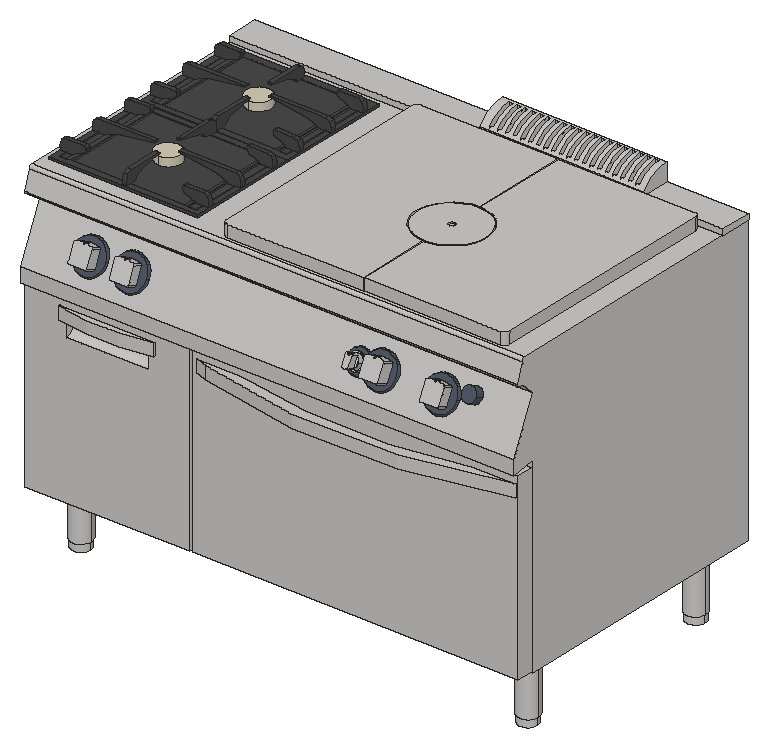
Revit family "QF_ZANUSSI_372010_Z7STGL3010", category Specialty Equipment, Revit 2018
Family settings
  Round Connector Dimension = Use Diameter
  Part Type = Normal
  Work Plane-Based = No
  Always vertical = Yes
  Cut with Voids When Loaded = No
  Shared = No
  Room Calculation Point = No
Parameters
  Width = 1200 mm  # constant formula
  Weight in Pounds = 309  # constant formula
  Weight = 0.00 kg
  Watts = 0 W
  Volts = 0 V
  URL Manufacturer = "http://www.zanussiprofessional.com"
  URL Cutsheet = "www.electrolux.com"
  URL = "http://www.zanussiprofessional.com"
  Type Mark [instance] = ""
  Steam Supply Size = 0"
  Steam Supply Minimum Pressure = 0.00 psi
  Steam Supply Maximum Pressure = 0.00 psi
  Steam Pounds per Hour = 0
  Status [instance] = ""
  Specification by User [instance] = ""
  Specification by Manufacturer = ""
  Show Logo [instance] = yes
  Show Clearance [instance] = yes
  Serial Number = ""
  Seismic Rating = ""
  SMACNA No = ""
  Revision Code [instance] = ""
  Refrigeration Suction Line Size = 0"
  Refrigeration Liquid Line Size = 0"
  Refrigerant Compressor Remote = yes
  Phase = 0
  Omniclass Number and Title = ""
  NAFEM Spec ID Number = ""
  Model = "Z7STGL3010"
  Mechanical Remarks [instance] = ""
  Mechanical Connection Type [instance] = ""
  Masterspec = ""
  Manufacturer = "Zanussi"
  Length Actual = 1200 mm  # constant formula
  Item Number [instance] = "372010"
  Installed By [instance] = ""
  Identify Quantity as Lot [instance] = yes
  Hot Water Size = 0"
  Height Actual = 850 mm  # constant formula
  Height = 908 mm  # constant formula
  HP = "0 HP"
  Gas Size = 1/2"  # constant formula
  Gas RI Height [instance] = 0 mm
  Gas KW [instance] = 24  # constant formula
  Gas Input [instance] = 81816.0 Btu/h  # constant formula
  Gas Connection Height = 0 mm
  Furnished By [instance] = ""
  Foodservice Equipment Identifier [instance] = yes
  Direct Waste Size = 0"
  Description = "GAS SOLID TOP+2 BURN.+OVEN+OPEN B.1200MM"
  Depth Actual = 700 mm  # constant formula
  Depth = 700 mm  # constant formula
  Cycle = 0 Hz
  Condensate Return Size = 0"
  Compressed Air Volume = 0 GPM
  Compressed Air Size = 0"
  Compressed Air Pressure = 0.00 psi
  Cold Water Size = 0"
  CSI MasterFormat = ""
  CSI Master Format = ""
  Assembly Code = ""
  Accessory = yes
Reference planes
  plane 1 "BACK": y = 0
  plane 2: z = 0
  plane 3 "LEFT": x = 0
  plane 4 "RIGHT": x = 1200
  plane 5 "FRONT": y = -700
  plane 6 "TOP": z = 908
  plane 7 "Center Y": x = 600
  plane 8 "Center X": y = -350
  plane 9 "Base": z = 150
  plane 10: z = 850
  plane 11: y = -1109
  plane 12 "panel": through (-6096, -654.982, 762.214) normal (0, -0.8956, 0.4448)
  plane 13: x = 177.499
  plane 14: y = -715
Forms (mm)
  Revolve 1, solid, material "QF_Finishes_Stainless Steel"
    sketch origin (1, -90, 0) x (1, 0, 0) y (0, 0, 1)
      loop
        line (55, 0) -> (55, 150) -> (29.6, 150) -> (29.6, 19.05) -> (32.1, 19.05) -> (32.1, 0) -> (55, 0)
      axis (55, 0) -> (55, 150)
    angle from 0 to 360
  Revolve 2, solid, material "QF_Finishes_Stainless Steel"
    sketch origin (1, -599.588, 0) x (1, 0, 0) y (0, 0, 1)
      loop
        line (55, 0) -> (55, 150) -> (29.6, 150) -> (29.6, 19.05) -> (32.1, 19.05) -> (32.1, 0) -> (55, 0)
      axis (55, 0) -> (55, 150)
    angle from 0 to 360
  Revolve 3, solid, material "QF_Finishes_Stainless Steel"
    sketch origin (799, -90, 0) x (-1, 0, 0) y (0, 0, -1)
      loop
        line (-345, 0) -> (-367.9, 0) -> (-367.9, -19.05) -> (-370.4, -19.05) -> (-370.4, -150) -> (-345, -150) -> (-345, 0)
      axis (-345, 0) -> (-345, -150)
    angle from 0 to 360
  Revolve 4, solid, material "QF_Finishes_Stainless Steel"
    sketch origin (799, -599.588, 0) x (-1, 0, 0) y (0, 0, -1)
      loop
        line (-345, 0) -> (-367.9, 0) -> (-367.9, -19.05) -> (-370.4, -19.05) -> (-370.4, -150) -> (-345, -150) -> (-345, 0)
      axis (-345, 0) -> (-345, -150)
    angle from 0 to 360
  Extrusion 5, solid, material "QF_Finishes_Stainless Steel"
    sketch origin (0, 0, 576.213) x (0, 1, 0) y (0, 0, 1)
      loop
        line (0, 273.788) -> (-679.358, 273.788)
        arc (-679.358, 273.788) -> (-684.643, 271.598) -> (-686.833, 266.313) r 7.474
        line (-686.833, 266.313) -> (-699.884, 220.798)
        arc (-699.884, 220.798) -> (-699.396, 218.166) -> (-697, 216.971) r 3
        line (-697, 216.971) -> (-686.802, 216.971) -> (-654.982, 185.152) -> (-715, 64.296) -> (-715, 29.296) -> (-658.645, 37.216)
        arc (-658.645, 37.216) -> (-656.101, 36.462) -> (-655, 34.047) r 3.2
        line (-655, 34.047) -> (-655, -426.212) -> (0, -426.212) -> (0, 273.788)
      loop
        line (-700, 23.788) -> (-700, -421.212) -> (-660, -421.212) -> (-660, 23.788) -> (-700, 23.788)
    from 0 to 1200
  Extrusion 6, solid, material "QF_Finishes_Stainless Steel"
    sketch origin (0, 0, 576.213) x (0, 1, 0) y (0, 0, 1)
      loop
        line (0, 273.787) -> (0, 288.075) -> (-76.2, 288.075) -> (-76.2, 273.787) -> (0, 273.787)
    from 0 to 1200
  Extrusion 7, solid, material "QF_Finishes_Stainless Steel"
    sketch origin (0, 0, 150) x (-1, 0, 0) y (0, -1, 0)
      loop
        circle (-1147.613, 464) r 6.35
    from -8.815 to 7.722
  Extrusion 8, solid, material "QF_Finishes_Door Clearance", visible <- "Show Clearance", detail levels coarse
    sketch origin (0, 0, 0) x (0, 1, 0) y (0, 0, 1)
      loop
        arc (-700, 600) -> (-991.638, 457.589) -> (-1109, 155) r 445
        line (-1109, 155) -> (-700, 155) -> (-700, 600)
    from 408.5 to 1200
  Extrusion 9, solid, material "QF_Finishes_Clearance", visible <- "Show Clearance", detail levels coarse
    sketch origin (0, 0, 0) x (1, 0, 0) y (0, 1, 0)
      loop
        line (-150, -715) -> (0, -715) -> (0, 0) -> (1200, 0) -> (1200, -715) -> (1350, -715) -> (1350, 150) -> (-150, 150) -> (-150, -715)
    from 0 to 908.85
  Extrusion 10, solid, material "QF_Finishes_Stainless Steel"
    sketch origin (402.6, 0, 850.85) x (0, -1, 0) y (1, 0, 0)
      loop
        arc (82.3, 67.7) -> (86.02, 58.72) -> (95, 55) r 12.7
        line (95, 55) -> (659.6, 55)
        arc (659.6, 55) -> (668.58, 58.72) -> (672.3, 67.7) r 12.7
        line (672.3, 67.7) -> (672.3, 398.413) -> (490.475, 398.413)
        arc (490.475, 398.413) -> (404.92, 314.787) -> (319.519, 398.571) r 85.497
        line (319.519, 398.571) -> (82.3, 398.571) -> (82.3, 67.7)
      loop
        arc (672.3, 732.3) -> (668.58, 741.28) -> (659.6, 745) r 12.7
        line (659.6, 745) -> (95, 745)
        arc (95, 745) -> (86.02, 741.28) -> (82.3, 732.3) r 12.7
        line (82.3, 732.3) -> (82.3, 401.528) -> (319.513, 401.528)
        arc (319.513, 401.528) -> (405.24, 485.459) -> (490.492, 401.047) r 85.5
        line (490.492, 401.047) -> (672.3, 401.047) -> (672.3, 732.3)
      loop
        circle (405, 400) r 82.6
      loop
        circle (405, 400) r 7
    from 0 to 28.575
  Extrusion 11, solid, material "QF_Finishes_Stainless Steel"
    sketch origin (402.6, 0, 850.85) x (0, -1, 0) y (1, 0, 0)
      loop
        circle (405, 400) r 7
    from 0 to 26.981
  Extrusion 12, void
    sketch origin (-62.611, 0, 865.138) x (-1, 0, 0) y (0, -1, 0)
      loop
        line (-695.005, 6.761) -> (-685.709, 6.761) -> (-685.709, 63.911) -> (-695.005, 63.911) -> (-695.005, 6.761)
      loop
        line (-713.697, 6.761) -> (-704.401, 6.761) -> (-704.401, 63.911) -> (-713.697, 63.911) -> (-713.697, 6.761)
      loop
        line (-732.39, 6.761) -> (-723.094, 6.761) -> (-723.094, 63.911) -> (-732.39, 63.911) -> (-732.39, 6.761)
      loop
        line (-751.082, 6.761) -> (-741.787, 6.761) -> (-741.787, 63.911) -> (-751.082, 63.911) -> (-751.082, 6.761)
      loop
        line (-769.775, 6.761) -> (-760.479, 6.761) -> (-760.479, 63.911) -> (-769.775, 63.911) -> (-769.775, 6.761)
      loop
        line (-788.468, 6.761) -> (-779.172, 6.761) -> (-779.172, 63.911) -> (-788.468, 63.911) -> (-788.468, 6.761)
      loop
        line (-807.16, 6.761) -> (-797.864, 6.761) -> (-797.864, 63.911) -> (-807.16, 63.911) -> (-807.16, 6.761)
      loop
        line (-825.853, 6.761) -> (-816.557, 6.761) -> (-816.557, 63.911) -> (-825.853, 63.911) -> (-825.853, 6.761)
      loop
        line (-844.545, 6.761) -> (-835.25, 6.761) -> (-835.25, 63.911) -> (-844.545, 63.911) -> (-844.545, 6.761)
      loop
        line (-863.238, 6.761) -> (-853.942, 6.761) -> (-853.942, 63.911) -> (-863.238, 63.911) -> (-863.238, 6.761)
      loop
        line (-881.931, 6.761) -> (-872.635, 6.761) -> (-872.635, 63.911) -> (-881.931, 63.911) -> (-881.931, 6.761)
      loop
        line (-900.623, 6.761) -> (-891.328, 6.761) -> (-891.328, 63.911) -> (-900.623, 63.911) -> (-900.623, 6.761)
      loop
        line (-919.316, 6.761) -> (-910.02, 6.761) -> (-910.02, 63.911) -> (-919.316, 63.911) -> (-919.316, 6.761)
      loop
        line (-938.008, 6.761) -> (-928.713, 6.761) -> (-928.713, 63.911) -> (-938.008, 63.911) -> (-938.008, 6.761)
      loop
        line (-956.701, 6.761) -> (-947.405, 6.761) -> (-947.405, 63.911) -> (-956.701, 63.911) -> (-956.701, 6.761)
      loop
        line (-975.394, 6.761) -> (-966.098, 6.761) -> (-966.098, 63.911) -> (-975.394, 63.911) -> (-975.394, 6.761)
      loop
        line (-994.086, 6.761) -> (-984.791, 6.761) -> (-984.791, 63.911) -> (-994.086, 63.911) -> (-994.086, 6.761)
      loop
        line (-1012.779, 6.761) -> (-1003.483, 6.761) -> (-1003.483, 63.911) -> (-1012.779, 63.911) -> (-1012.779, 6.761)
      loop
        line (-1031.472, 6.761) -> (-1022.176, 6.761) -> (-1022.176, 63.911) -> (-1031.472, 63.911) -> (-1031.472, 6.761)
      loop
        line (-1050.164, 6.761) -> (-1040.868, 6.761) -> (-1040.868, 63.911) -> (-1050.164, 63.911) -> (-1050.164, 6.761)
    from 9.525 to 45.348
  Extrusion 13, solid, material "QF_Finishes_Stainless Steel"
    sketch origin (202.4, 0, 590.5) x (0, 1, 0) y (0, 0, 1)
      loop
        line (0, 273.788) -> (0, 317.5)
        arc (0, 317.5) -> (-39.072, 308.879) -> (-69.85, 283.312) r 84.854
        line (-69.85, 283.312) -> (-69.85, 273.788) -> (0, 273.788)
    from 400 to 800
  Blend 14, solid, material "QF_Finishes_Navy Blue"
    base sketch origin (147.457, -684.991, 701.786) x (1, 0, 0) y (0, 0.444781, 0.895639)
      loop
        circle (0, 0) r 42.5
    top sketch origin (147.457, -684.991, 701.786) x (1, 0, 0) y (0, 0.444781, 0.895639)
      loop
        circle (0, 0) r 40.5
    from 0 to 5
  Extrusion 15, solid, material "QF_Finishes_Stainless Steel"
    sketch origin (147.457, -684.991, 701.786) x (1, 0, 0) y (0, 0.444781, 0.895639)
      loop
        arc (-21.147, 22.789) -> (-22.494, 21.685) -> (-23, 20.019) r 2.997
        line (-23, 20.019) -> (-23, -20.019)
        arc (-23, -20.019) -> (-22.122, -22.138) -> (-20.003, -23.016) r 2.997
        line (-20.003, -23.016) -> (20.003, -23.016)
        arc (20.003, -23.016) -> (22.122, -22.138) -> (23, -20.019) r 2.997
        line (23, -20.019) -> (23, 20.019)
        arc (23, 20.019) -> (22.494, 21.685) -> (21.147, 22.789) r 2.997
        arc (21.147, 22.789) -> (0, 26.984) -> (-21.147, 22.789) r 55.4
    from 10 to 34
  Extrusion 16, solid, material "QF_Plastic-Black-Matte"
    sketch origin (204.957, -684.991, 701.786) x (0, 0.444781, 0.895639) y (0, -0.895639, 0.444781)
      loop
        line (26.984, 34) -> (26.984, 19) -> (27.984, 19) -> (27.984, 34)
        arc (27.984, 34) -> (27.691, 34.707) -> (26.984, 35) r 1
        line (26.984, 35) -> (23.984, 35) -> (23.984, 34) -> (26.984, 34)
    from -58.5 to -56.5
  Extrusion 17, solid, material "QF_Finishes_Stainless Steel"
    sketch origin (147.457, -684.991, 701.786) x (1, 0, 0) y (0, 0.444781, 0.895639)
      loop
        line (17.5, 17.5) -> (-17.5, 17.5) -> (-17.5, -17.5) -> (17.5, -17.5) -> (17.5, 17.5)
    from 5 to 10
  Extrusion 18, solid, material "QF_Plastic-Black-Matte"
    sketch origin (189.957, -684.991, 701.786) x (0, 0.444781, 0.895639) y (0, 0.895639, -0.444781)
      loop
        line (26.984, -34) -> (23.984, -34) -> (23.984, -35) -> (26.984, -35)
        arc (26.984, -35) -> (27.691, -34.707) -> (27.984, -34) r 1
        line (27.984, -34) -> (27.984, -19) -> (26.984, -19) -> (26.984, -34)
    from -58.5 to -56.5
  Extrusion 19, solid, material "QF_Finishes_Stainless Steel"
    sketch origin (247.457, -684.991, 701.786) x (-1, 0, 0) y (0, -0.444781, -0.895639)
      loop
        line (17.5, -17.5) -> (17.5, 17.5) -> (-17.5, 17.5) -> (-17.5, -17.5) -> (17.5, -17.5)
    from 5 to 10
  Blend 20, solid, material "QF_Finishes_Navy Blue"
    base sketch origin (247.457, -684.991, 701.786) x (1, 0, 0) y (0, 0.444781, 0.895639)
      loop
        circle (0, 0) r 42.5
    top sketch origin (247.457, -684.991, 701.786) x (1, 0, 0) y (0, 0.444781, 0.895639)
      loop
        circle (0, 0) r 40.5
    from 0 to 5
  Extrusion 21, solid, material "QF_Finishes_Stainless Steel"
    sketch origin (247.457, -684.991, 701.786) x (-1, 0, 0) y (0, -0.444781, -0.895639)
      loop
        arc (-21.147, -22.789) -> (0, -26.984) -> (21.147, -22.789) r 55.4
        arc (21.147, -22.789) -> (22.494, -21.685) -> (23, -20.019) r 2.997
        line (23, -20.019) -> (23, 20.019)
        arc (23, 20.019) -> (22.122, 22.138) -> (20.003, 23.016) r 2.997
        line (20.003, 23.016) -> (-20.003, 23.016)
        arc (-20.003, 23.016) -> (-22.122, 22.138) -> (-23, 20.019) r 2.997
        line (-23, 20.019) -> (-23, -20.019)
        arc (-23, -20.019) -> (-22.494, -21.685) -> (-21.147, -22.789) r 2.997
    from 10 to 34
  Blend 22, solid, material "QF_Finishes_Navy Blue"
    base sketch origin (855, -684.991, 701.786) x (1, 0, 0) y (0, 0.444781, 0.895639)
      loop
        arc (-35.05, -24.037) -> (42.5, 0) -> (-35.05, 24.037) r 42.5
        arc (-35.05, 24.037) -> (-83, 0) -> (-35.05, -24.037) r 30
    top sketch origin (855, -684.991, 701.786) x (1, 0, 0) y (0, 0.444781, 0.895639)
      loop
        arc (-34.578, -21.086) -> (40.5, 0) -> (-34.578, 21.086) r 40.5
        arc (-34.578, 21.086) -> (-81, 0) -> (-34.578, -21.086) r 28
    from 0 to 5
  Extrusion 23, solid, material "QF_Finishes_Stainless Steel"
    sketch origin (622.5, -684.991, 701.786) x (1, 0, 0) y (0, 0.444781, 0.895639)
      loop
        circle (177.499, -0.341) r 20
    from 5 to 10
  Extrusion 24, void
    sketch origin (855, -684.991, 701.786) x (1, 0, 0) y (0, -0.895639, 0.444781)
      loop
        line (-62.999, 24.837) -> (-62.999, 40) -> (-71.893, 40) -> (-71.893, 22) -> (-65.835, 22)
        arc (-65.835, 22) -> (-63.827, 22.828) -> (-62.999, 24.837) r 2.827
      loop
        arc (-47.003, 24.837) -> (-46.175, 22.828) -> (-44.167, 22) r 2.827
        line (-44.167, 22) -> (-38.109, 22) -> (-38.109, 40) -> (-47.003, 40) -> (-47.003, 24.837)
    from -20.019 to 20.019
  Extrusion 25, solid, material "QF_Finishes_Stainless Steel"
    sketch origin (622.5, -684.991, 701.786) x (1, 0, 0) y (0, 0.444781, 0.895639)
      loop
        arc (211.353, 22.789) -> (210.006, 21.685) -> (209.5, 20.019) r 2.997
        line (209.5, 20.019) -> (209.5, -20.019)
        arc (209.5, -20.019) -> (210.378, -22.138) -> (212.497, -23.016) r 2.997
        line (212.497, -23.016) -> (252.503, -23.016)
        arc (252.503, -23.016) -> (254.622, -22.138) -> (255.5, -20.019) r 2.997
        line (255.5, -20.019) -> (255.5, 20.019)
        arc (255.5, 20.019) -> (254.994, 21.685) -> (253.647, 22.789) r 2.997
        arc (253.647, 22.789) -> (232.5, 26.984) -> (211.353, 22.789) r 55.4
    from 5 to 34
  Blend 26, solid, material "QF_Finishes_Navy Blue"
    base sketch origin (1002.457, -684.991, 701.786) x (1, 0, 0) y (0, 0.444781, 0.895639)
      loop
        circle (0, 0) r 42.5
    top sketch origin (1002.457, -684.991, 701.786) x (1, 0, 0) y (0, 0.444781, 0.895639)
      loop
        circle (0, 0) r 40.5
    from 0 to 5
  Extrusion 27, solid, material "QF_Finishes_Stainless Steel"
    sketch origin (1002.457, -684.991, 701.786) x (1, 0, 0) y (0, 0.444781, 0.895639)
      loop
        arc (-21.147, 22.789) -> (-22.494, 21.685) -> (-23, 20.019) r 2.997
        line (-23, 20.019) -> (-23, -20.019)
        arc (-23, -20.019) -> (-22.122, -22.138) -> (-20.003, -23.016) r 2.997
        line (-20.003, -23.016) -> (20.003, -23.016)
        arc (20.003, -23.016) -> (22.122, -22.138) -> (23, -20.019) r 2.997
        line (23, -20.019) -> (23, 20.019)
        arc (23, 20.019) -> (22.494, 21.685) -> (21.147, 22.789) r 2.997
        arc (21.147, 22.789) -> (0, 26.984) -> (-21.147, 22.789) r 55.4
    from 10 to 34
  Extrusion 28, solid, material "QF_Plastic-Black-Matte"
    sketch origin (1059.957, -684.991, 701.786) x (0, 0.444781, 0.895639) y (0, -0.895639, 0.444781)
      loop
        line (26.984, 34) -> (26.984, 19) -> (27.984, 19) -> (27.984, 34)
        arc (27.984, 34) -> (27.691, 34.707) -> (26.984, 35) r 1
        line (26.984, 35) -> (23.984, 35) -> (23.984, 34) -> (26.984, 34)
    from -58.5 to -56.5
  Extrusion 29, solid, material "QF_Finishes_Stainless Steel"
    sketch origin (1002.457, -684.991, 701.786) x (1, 0, 0) y (0, 0.444781, 0.895639)
      loop
        line (17.5, 17.5) -> (-17.5, 17.5) -> (-17.5, -17.5) -> (17.5, -17.5) -> (17.5, 17.5)
    from 5 to 10
  Extrusion 30, solid, material "QF_Finishes_Navy Blue"
    sketch origin (1132.184, -675.059, 721.786) x (1, 0, 0) y (0, 0.444781, 0.895639)
      loop
        circle (-55.001, 0) r 18
    from 3 to 23
  Extrusion 31, solid, material "QF_Finishes_Stainless Steel"
    sketch origin (993.183, -675.059, 721.786) x (1, 0, 0) y (0, 0.444781, 0.895639)
      loop
        circle (84, 0) r 15
    from 3 to 0
  Extrusion 32, solid, material "QF_Finishes_Stainless Steel"
    sketch origin (622.5, -684.991, 701.786) x (1, 0, 0) y (0, 0.444781, 0.895639)
      loop
        circle (177.499, -0.341) r 16
    from 10 to 40
  Extrusion 33, solid, material "QF_Finishes_Stainless Steel"
    sketch origin (0, 0, 150) x (-1, 0, 0) y (0, -1, 0)
      loop
        line (-1194.25, 700) -> (-1100.645, 700)
        arc (-1100.645, 700) -> (-804.25, 735) -> (-507.855, 700) r 1272.5
        line (-507.855, 700) -> (-414.25, 700)
        arc (-414.25, 700) -> (-431.467, 705.295) -> (-448.756, 710.35) r 1297.5
        arc (-448.756, 710.35) -> (-822.263, 759.875) -> (-1194.25, 700) r 1297.5
    from 400 to 430
  Extrusion 34, solid, material "QF_Finishes_Stainless Steel"
    sketch origin (0, 0, 150) x (-1, 0, 0) y (0, -1, 0)
      loop
        line (-85.253, 700) -> (-85.253, 703)
        arc (-85.253, 703) -> (-200.527, 715.129) -> (-315.8, 703) r 553.834
        line (-315.8, 703) -> (-315.8, 700) -> (-85.253, 700)
    from 430 to 400
  Extrusion 35, solid, material "QF_Finishes_Door Clearance", visible <- "Show Clearance", detail levels coarse
    sketch origin (0, 0, 0) x (0, 1, 0) y (0, 0, 1)
      loop
        arc (-700, 600) -> (-991.621, 457.58) -> (-1108.972, 155) r 445
        line (-1108.972, 155) -> (-700, 155) -> (-700, 600)
    from 0 to 400.5
  Extrusion 36, void
    sketch origin (0, -700, 0) x (1, 0, 0) y (0, 0, 1)
      loop
        line (400.5, 600) -> (400.5, 155) -> (408.5, 155) -> (408.5, 600) -> (400.5, 600)
    from -40 to 0
  Extrusion 37, void
    sketch origin (0, 0, 0) x (0, 1, 0) y (0, 0, 1)
      loop
        line (-700, 565.85) -> (-700, 515.05)
        arc (-700, 515.05) -> (-684.405, 523.118) -> (-678.147, 539.523) r 24.63
        line (-678.147, 539.523) -> (-678.147, 565.85) -> (-700, 565.85)
    from 100.253 to 300.8
  Extrusion 38, solid, material "QF_Plastic-Black-Matte"
    sketch origin (912.5, -684.991, 701.786) x (0, 0.444781, 0.895639) y (0, -0.895639, 0.444781)
      loop
        line (26.984, 34) -> (26.984, 19) -> (27.984, 19) -> (27.984, 34)
        arc (27.984, 34) -> (27.691, 34.707) -> (26.984, 35) r 1
        line (26.984, 35) -> (23.984, 35) -> (23.984, 34) -> (26.984, 34)
    from -58.5 to -56.5
  Extrusion 39, solid, material "QF_Plastic-Black-Matte"
    sketch origin (857.5, -695.402, 694.312) x (0, 0.444781, 0.895639) y (0, -0.895639, 0.444781)
      loop
        line (26.984, 34) -> (26.984, 19) -> (27.984, 19) -> (27.984, 34)
        arc (27.984, 34) -> (27.691, 34.707) -> (26.984, 35) r 1
        line (26.984, 35) -> (23.984, 35) -> (23.984, 34) -> (26.984, 34)
    from -58.5 to -56.5
Cuts and joins
  Extrusion 12 cuts Extrusion 6
  Extrusion 12, Extrusion 37 cuts Extrusion 9
  Extrusion 12 cuts Extrusion 13
  Extrusion 24 cuts Extrusion 32
  Extrusion 36, Extrusion 37 cuts Extrusion 5
  Extrusion 37 cuts Extrusion 34
  Extrusion 37 cuts Extrusion 35
Lines and regions (mm)
  Split face 1
    outline origin (147.457, -689.469, 704.01) x (1, 0, 0) y (0, 0.444781, 0.895639)
      loop
        circle (-33, 0) r 3
  Split face 2
    outline origin (253.357, -689.469, 704.01) x (1, 0, 0) y (0, 0.444781, 0.895639)
      loop
        line (-8.901, 38.561) -> (-8.901, 28.561) -> (-2.901, 28.561) -> (-2.901, 38.561) -> (-8.901, 38.561)
  Split face 3
    outline origin (253.357, -689.469, 704.01) x (1, 0, 0) y (0, 0.444781, 0.895639)
      loop
        line (-8.401, 38.061) -> (-8.401, 29.061) -> (-3.401, 29.061) -> (-3.401, 38.061) -> (-8.401, 38.061)
  Split face 4
    outline origin (253.357, -689.469, 704.01) x (1, 0, 0) y (0, 0.444781, 0.895639)
      loop
        line (-8.401, 33.561) -> (-3.401, 33.561)
  Split face 5
    outline origin (253.357, -689.469, 704.01) x (1, 0, 0) y (0, 0.444781, 0.895639)
      loop
        line (-8.401, 33.061) -> (-3.401, 33.061)
  Split face 6
    outline origin (153.357, -689.469, 704.01) x (1, 0, 0) y (0, 0.444781, 0.895639)
      loop
        line (-8.901, 38.561) -> (-8.901, 28.561) -> (-2.901, 28.561) -> (-2.901, 38.561) -> (-8.901, 38.561)
  Split face 7
    outline origin (153.357, -689.469, 704.01) x (1, 0, 0) y (0, 0.444781, 0.895639)
      loop
        line (-8.401, 38.061) -> (-8.401, 29.061) -> (-3.401, 29.061) -> (-3.401, 38.061) -> (-8.401, 38.061)
  Split face 8
    outline origin (153.357, -689.469, 704.01) x (1, 0, 0) y (0, 0.444781, 0.895639)
      loop
        line (-8.401, 34.061) -> (-3.401, 34.061)
  Split face 9
    outline origin (153.357, -689.469, 704.01) x (1, 0, 0) y (0, 0.444781, 0.895639)
      loop
        line (-8.401, 33.561) -> (-3.401, 33.561)
  Split face 10
    outline origin (173.114, -675.159, 732.825) x (-1, 0, 0) y (0, -0.444781, -0.895639)
      loop
        circle (43.456, 61.543) r 1.5
  Split face 11
    outline origin (153.357, -689.469, 704.01) x (1, 0, 0) y (0, 0.444781, 0.895639)
      loop
        circle (-5.901, 31.311) r 2.029
  Split face 12
    outline origin (253.357, -689.469, 704.01) x (1, 0, 0) y (0, 0.444781, 0.895639)
      loop
        circle (-5.901, 35.811) r 2.031
  Split face 13
    outline origin (147.457, -689.469, 704.01) x (1, 0, 0) y (0, 0.444781, 0.895639)
      loop
        circle (-24.487, 26.694) r 3.497
  Split face 14
    outline origin (247.457, -689.469, 704.01) x (1, 0, 0) y (0, 0.444781, 0.895639)
      loop
        circle (-24.487, 26.694) r 3.497
  Split face 15
    outline origin (247.457, -689.469, 704.01) x (1, 0, 0) y (0, 0.444781, 0.895639)
      loop
        circle (-33, 0) r 3
  Split face 16
    outline origin (247.457, -689.469, 704.01) x (1, 0, 0) y (0, 0.444781, 0.895639)
      loop
        circle (-17.8, -29.371) r 1.5
  Split face 17
    outline origin (855, -689.469, 704.01) x (1, 0, 0) y (0, 0.444781, 0.895639)
      loop
        circle (0, 33) r 1
  Split face 18
    outline origin (855, -689.469, 704.01) x (1, 0, 0) y (0, 0.444781, 0.895639)
      loop
        circle (-8.541, 31.876) r 1
  Split face 19
    outline origin (855, -689.469, 704.01) x (1, 0, 0) y (0, 0.444781, 0.895639)
      loop
        circle (-16.5, 28.579) r 1
  Split face 20
    outline origin (855, -689.469, 704.01) x (1, 0, 0) y (0, 0.444781, 0.895639)
      loop
        circle (-23.335, 23.335) r 1
  Split face 21
    outline origin (855, -689.469, 704.01) x (1, 0, 0) y (0, 0.444781, 0.895639)
      loop
        circle (-28.579, 16.5) r 1
  Split face 22
    outline origin (855, -689.469, 704.01) x (1, 0, 0) y (0, 0.444781, 0.895639)
      loop
        circle (-31.876, 8.541) r 1
  Split face 23
    outline origin (855, -689.469, 704.01) x (1, 0, 0) y (0, 0.444781, 0.895639)
      loop
        circle (-33, 0) r 1
  Split face 24
    outline origin (855, -689.469, 704.01) x (-1, 0, 0) y (0, 0.444781, 0.895639)
      loop
        circle (-8.541, 31.876) r 1
  Split face 25
    outline origin (855, -689.469, 704.01) x (-1, 0, 0) y (0, 0.444781, 0.895639)
      loop
        circle (-16.5, 28.579) r 1
  Split face 26
    outline origin (855, -689.469, 704.01) x (-1, 0, 0) y (0, 0.444781, 0.895639)
      loop
        circle (-23.335, 23.335) r 1
  Split face 27
    outline origin (855, -689.469, 704.01) x (-1, 0, 0) y (0, 0.444781, 0.895639)
      loop
        circle (-28.579, 16.5) r 1
  Split face 28
    outline origin (855, -689.469, 704.01) x (-1, 0, 0) y (0, 0.444781, 0.895639)
      loop
        circle (-31.876, 8.541) r 1
  Split face 29
    outline origin (855, -689.469, 704.01) x (1, 0, 0) y (0, -0.444781, -0.895639)
      loop
        circle (0, 33) r 1
  Split face 30
    outline origin (855, -689.469, 704.01) x (1, 0, 0) y (0, -0.444781, -0.895639)
      loop
        circle (-8.541, 31.876) r 1
  Split face 31
    outline origin (855, -689.469, 704.01) x (1, 0, 0) y (0, -0.444781, -0.895639)
      loop
        circle (-16.5, 28.579) r 1
  Split face 32
    outline origin (855, -689.469, 704.01) x (1, 0, 0) y (0, -0.444781, -0.895639)
      loop
        circle (-23.335, 23.335) r 1
  Split face 33
    outline origin (855, -689.469, 704.01) x (1, 0, 0) y (0, -0.444781, -0.895639)
      loop
        circle (-28.579, 16.5) r 1
  Split face 34
    outline origin (855, -689.469, 704.01) x (1, 0, 0) y (0, -0.444781, -0.895639)
      loop
        circle (-31.876, 8.541) r 1
  Split face 35
    outline origin (855, -689.469, 704.01) x (-1, 0, 0) y (0, -0.444781, -0.895639)
      loop
        circle (-8.541, 31.876) r 1
  Split face 36
    outline origin (855, -689.469, 704.01) x (-1, 0, 0) y (0, -0.444781, -0.895639)
      loop
        circle (-16.5, 28.579) r 1
  Split face 37
    outline origin (855, -689.469, 704.01) x (-1, 0, 0) y (0, -0.444781, -0.895639)
      loop
        circle (-23.335, 23.335) r 1
  Split face 38
    outline origin (855, -689.469, 704.01) x (-1, 0, 0) y (0, -0.444781, -0.895639)
      loop
        circle (-28.579, 16.5) r 1
  Split face 39
    outline origin (855, -689.469, 704.01) x (-1, 0, 0) y (0, -0.444781, -0.895639)
      loop
        circle (-31.876, 8.541) r 1
  Split face 40
    outline origin (855, -689.469, 704.01) x (1, 0, 0) y (0, 0.444781, 0.895639)
      loop
        circle (33, 0) r 1
  Split face 41
    outline origin (855, -689.469, 704.01) x (1, 0, 0) y (0, 0.444781, 0.895639)
      loop
        circle (-55.001, 22) r 1.508
  Split face 42
    outline origin (855, -689.469, 704.01) x (1, 0, 0) y (0, 0.444781, 0.895639)
      loop
        circle (-77.001, 0) r 1.343
  Split face 43
    outline origin (855, -689.469, 704.01) x (1, 0, 0) y (0, 0.444781, 0.895639)
      loop
        line (-56.273, -20.786) -> (-56.273, -25.164) -> (-53.729, -25.164) -> (-53.729, -20.786) -> (-56.273, -20.786)
  Split face 44
    outline origin (1002.457, -689.469, 704.01) x (1, 0, 0) y (0, 0.444781, 0.895639)
      loop
        circle (-33, 0) r 3
  Split face 45
    outline origin (1008.357, -689.469, 704.01) x (1, 0, 0) y (0, 0.444781, 0.895639)
      loop
        line (-8.901, 38.561) -> (-8.901, 28.561) -> (-2.901, 28.561) -> (-2.901, 38.561) -> (-8.901, 38.561)
  Split face 46
    outline origin (1008.357, -689.469, 704.01) x (1, 0, 0) y (0, 0.444781, 0.895639)
      loop
        line (-8.401, 38.061) -> (-8.401, 29.061) -> (-3.401, 29.061) -> (-3.401, 38.061) -> (-8.401, 38.061)
  Split face 47
    outline origin (1008.357, -689.469, 704.01) x (1, 0, 0) y (0, 0.444781, 0.895639)
      loop
        line (-8.401, 34.061) -> (-3.401, 34.061)
  Split face 48
    outline origin (1008.357, -689.469, 704.01) x (1, 0, 0) y (0, 0.444781, 0.895639)
      loop
        line (-8.401, 33.561) -> (-3.401, 33.561)
  Split face 49
    outline origin (1028.114, -675.159, 732.825) x (-1, 0, 0) y (0, -0.444781, -0.895639)
      loop
        circle (43.456, 61.543) r 1.5
  Split face 50
    outline origin (1008.357, -689.469, 704.01) x (1, 0, 0) y (0, 0.444781, 0.895639)
      loop
        circle (-5.901, 31.311) r 2.029
  Split face 51
    outline origin (1002.457, -689.469, 704.01) x (1, 0, 0) y (0, 0.444781, 0.895639)
      loop
        circle (-24.487, 26.694) r 3.497
  symbolic lines, style "QF-Door Swings"
    curve 1: line (0, -715.129, 150) -> (0, -1109, 150)
    curve 2: line (0, -1109, 150) -> (1200, -1109, 150)
    curve 3: line (1200, -1109, 150) -> (1200, -715.129, 150)
    curve 198: line (400.5, -715.129, 150) -> (400.5, -1109, 150)
    curve 199: line (408.5, -715.129, 150) -> (408.5, -1109, 150)
  symbolic lines
    curve 4: line (0, 0, 150) -> (0, -715.129, 150)
    curve 5: line (0, -69.85, 150) -> (1200, -69.85, 150)
    curve 6: line (0, -76.2, 150) -> (1200, -76.2, 150)
    curve 7: line (1200, -715.129, 150) -> (1200, 0, 150)
    curve 8: line (0, 0, 150) -> (1200, 0, 150)
    curve 12: line (632.394, -6.761, 150) -> (632.394, -63.911, 150)
    curve 13: line (632.394, -63.911, 150) -> (623.098, -63.911, 150)
    curve 14: line (623.098, -63.911, 150) -> (623.098, -6.761, 150)
    curve 15: line (623.098, -6.761, 150) -> (632.394, -6.761, 150)
    curve 16: line (838.012, -6.761, 150) -> (838.012, -63.911, 150)
    curve 17: line (838.012, -63.911, 150) -> (828.717, -63.911, 150)
    curve 18: line (828.717, -63.911, 150) -> (828.717, -6.761, 150)
    curve 19: line (828.717, -6.761, 150) -> (838.012, -6.761, 150)
    curve 20: line (819.32, -6.761, 150) -> (819.32, -63.911, 150)
    curve 21: line (819.32, -63.911, 150) -> (810.024, -63.911, 150)
    curve 22: line (810.024, -63.911, 150) -> (810.024, -6.761, 150)
    curve 23: line (810.024, -6.761, 150) -> (819.32, -6.761, 150)
    curve 24: line (800.627, -6.761, 150) -> (800.627, -63.911, 150)
    curve 25: line (800.627, -63.911, 150) -> (791.331, -63.911, 150)
    curve 26: line (791.331, -63.911, 150) -> (791.331, -6.761, 150)
    curve 27: line (791.331, -6.761, 150) -> (800.627, -6.761, 150)
    curve 28: line (781.934, -6.761, 150) -> (781.934, -63.911, 150)
    curve 29: line (781.934, -63.911, 150) -> (772.639, -63.911, 150)
    curve 30: line (772.639, -63.911, 150) -> (772.639, -6.761, 150)
    curve 31: line (772.639, -6.761, 150) -> (781.934, -6.761, 150)
    curve 32: line (763.242, -6.761, 150) -> (763.242, -63.911, 150)
    curve 33: line (763.242, -63.911, 150) -> (753.946, -63.911, 150)
    curve 34: line (753.946, -63.911, 150) -> (753.946, -6.761, 150)
    curve 35: line (753.946, -6.761, 150) -> (763.242, -6.761, 150)
    curve 36: line (744.549, -6.761, 150) -> (744.549, -63.911, 150)
    curve 37: line (744.549, -63.911, 150) -> (735.253, -63.911, 150)
    curve 38: line (735.253, -63.911, 150) -> (735.253, -6.761, 150)
    curve 39: line (735.253, -6.761, 150) -> (744.549, -6.761, 150)
    curve 40: line (725.857, -6.761, 150) -> (725.857, -63.911, 150)
    curve 41: line (725.857, -63.911, 150) -> (716.561, -63.911, 150)
    curve 42: line (716.561, -63.911, 150) -> (716.561, -6.761, 150)
    curve 43: line (716.561, -6.761, 150) -> (725.857, -6.761, 150)
    curve 44: line (707.164, -6.761, 150) -> (707.164, -63.911, 150)
    curve 45: line (707.164, -63.911, 150) -> (697.868, -63.911, 150)
    curve 46: line (697.868, -63.911, 150) -> (697.868, -6.761, 150)
    curve 47: line (697.868, -6.761, 150) -> (707.164, -6.761, 150)
    curve 48: line (688.471, -6.761, 150) -> (688.471, -63.911, 150)
    curve 49: line (688.471, -63.911, 150) -> (679.176, -63.911, 150)
    curve 50: line (679.176, -63.911, 150) -> (679.176, -6.761, 150)
    curve 51: line (679.176, -6.761, 150) -> (688.471, -6.761, 150)
    curve 52: line (669.779, -6.761, 150) -> (669.779, -63.911, 150)
    curve 53: line (669.779, -63.911, 150) -> (660.483, -63.911, 150)
    curve 54: line (660.483, -63.911, 150) -> (660.483, -6.761, 150)
    curve 55: line (660.483, -6.761, 150) -> (669.779, -6.761, 150)
    curve 56: line (651.086, -6.761, 150) -> (651.086, -63.911, 150)
    curve 57: line (651.086, -63.911, 150) -> (641.79, -63.911, 150)
    curve 58: line (641.79, -63.911, 150) -> (641.79, -6.761, 150)
    curve 59: line (641.79, -6.761, 150) -> (651.086, -6.761, 150)
    curve 60: line (987.553, -6.761, 150) -> (987.553, -63.911, 150)
    curve 61: line (987.553, -63.911, 150) -> (978.257, -63.911, 150)
    curve 62: line (978.257, -63.911, 150) -> (978.257, -6.761, 150)
    curve 63: line (978.257, -6.761, 150) -> (987.553, -6.761, 150)
    curve 64: line (968.861, -6.761, 150) -> (968.861, -63.911, 150)
    curve 65: line (968.861, -63.911, 150) -> (959.565, -63.911, 150)
    curve 66: line (959.565, -63.911, 150) -> (959.565, -6.761, 150)
    curve 67: line (959.565, -6.761, 150) -> (968.861, -6.761, 150)
    curve 68: line (950.168, -6.761, 150) -> (950.168, -63.911, 150)
    curve 69: line (950.168, -63.911, 150) -> (940.872, -63.911, 150)
    curve 70: line (940.872, -63.911, 150) -> (940.872, -6.761, 150)
    curve 71: line (940.872, -6.761, 150) -> (950.168, -6.761, 150)
    curve 72: line (931.475, -6.761, 150) -> (931.475, -63.911, 150)
    curve 73: line (931.475, -63.911, 150) -> (922.18, -63.911, 150)
    curve 74: line (922.18, -63.911, 150) -> (922.18, -6.761, 150)
    curve 75: line (922.18, -6.761, 150) -> (931.475, -6.761, 150)
    curve 76: line (912.783, -6.761, 150) -> (912.783, -63.911, 150)
    curve 77: line (912.783, -63.911, 150) -> (903.487, -63.911, 150)
    curve 78: line (903.487, -63.911, 150) -> (903.487, -6.761, 150)
    curve 79: line (903.487, -6.761, 150) -> (912.783, -6.761, 150)
    curve 80: line (894.09, -6.761, 150) -> (894.09, -63.911, 150)
    curve 81: line (894.09, -63.911, 150) -> (884.794, -63.911, 150)
    curve 82: line (884.794, -63.911, 150) -> (884.794, -6.761, 150)
    curve 83: line (884.794, -6.761, 150) -> (894.09, -6.761, 150)
    curve 84: line (875.397, -6.761, 150) -> (875.397, -63.911, 150)
    curve 85: line (875.397, -63.911, 150) -> (866.102, -63.911, 150)
    curve 86: line (866.102, -63.911, 150) -> (866.102, -6.761, 150)
    curve 87: line (866.102, -6.761, 150) -> (875.397, -6.761, 150)
    curve 88: line (856.705, -6.761, 150) -> (856.705, -63.911, 150)
    curve 89: line (856.705, -63.911, 150) -> (847.409, -63.911, 150)
    curve 90: line (847.409, -63.911, 150) -> (847.409, -6.761, 150)
    curve 91: line (847.409, -6.761, 150) -> (856.705, -6.761, 150)
    curve 92: line (1002.4, -69.85, 150) -> (1002.4, 0, 150)
    curve 93: line (602.4, -69.85, 150) -> (602.4, 0, 150)
    curve 94: line (801.171, -82.3, 150) -> (470.3, -82.3, 150)
    curve 95: arc (470.3, -82.3, 150) -> (461.32, -86.02, 150) -> (457.6, -95, 150) r 12.7
    curve 96: line (457.6, -95, 150) -> (457.6, -659.6, 150)
    curve 97: arc (457.6, -659.6, 150) -> (461.32, -668.58, 150) -> (470.3, -672.3, 150) r 12.7
    curve 98: line (470.3, -672.3, 150) -> (801.013, -672.3, 150)
    curve 99: line (801.013, -672.3, 150) -> (801.013, -490.475, 150)
    curve 100: arc (801.013, -490.475, 150) -> (717.387, -404.92, 150) -> (801.171, -319.519, 150) r 85.497
    curve 101: line (801.171, -319.519, 150) -> (801.171, -82.3, 150)
    curve 102: line (1134.9, -82.3, 150) -> (804.128, -82.3, 150)
    curve 103: line (804.128, -82.3, 150) -> (804.128, -319.513, 150)
    curve 104: arc (804.128, -319.513, 150) -> (888.059, -405.24, 150) -> (803.647, -490.492, 150) r 85.5
    curve 105: line (803.647, -490.492, 150) -> (803.647, -672.3, 150)
    curve 106: line (803.647, -672.3, 150) -> (1134.9, -672.3, 150)
    curve 107: arc (1134.9, -672.3, 150) -> (1143.88, -668.58, 150) -> (1147.6, -659.6, 150) r 12.7
    curve 108: line (1147.6, -659.6, 150) -> (1147.6, -95, 150)
    curve 109: arc (1147.6, -95, 150) -> (1143.88, -86.02, 150) -> (1134.9, -82.3, 150) r 12.7
    curve 110: arc (802.6, -322.4, 150) -> (720, -405, 150) -> (802.6, -487.6, 150) r 82.6
    curve 111: arc (802.6, -487.6, 150) -> (885.2, -405, 150) -> (802.6, -322.4, 150) r 82.6
    curve 112: arc (802.6, -398, 150) -> (809.6, -405, 150) -> (802.6, -412, 150) r 7
    curve 113: arc (802.6, -412, 150) -> (795.6, -405, 150) -> (802.6, -398, 150) r 7
    curve 114: line (124.457, -700, 0) -> (124.457, -724.347, 0)
    curve 115: arc (124.457, -724.347, 0) -> (124.603, -724.811, 0) -> (124.989, -725.107, 0) r 0.809
    curve 116: arc (124.989, -725.107, 0) -> (126.177, -725.587, 0) -> (127.454, -725.68, 0) r 4.127
    curve 117: arc (124.457, -704.292, 0) -> (119.416, -702.458, 0) -> (114.648, -700, 0) r 42.24
    curve 118: arc (124.457, -706.539, 0) -> (124.959, -705.818, 0) -> (125.756, -705.448, 0) r 1.682
    curve 119: arc (125.756, -705.448, 0) -> (136.059, -703.95, 0) -> (146.457, -703.441, 0) r 109.079
    curve 120: line (146.457, -700, 0) -> (146.457, -705.671, 0)
    curve 121: line (146.457, -705.671, 0) -> (148.457, -705.671, 0)
    curve 122: line (148.457, -705.671, 0) -> (148.457, -700, 0)
    curve 123: line (170.457, -700, 0) -> (170.457, -724.347, 0)
    curve 124: arc (170.457, -724.347, 0) -> (170.311, -724.811, 0) -> (169.925, -725.107, 0) r 0.809
    curve 125: arc (169.925, -725.107, 0) -> (168.737, -725.587, 0) -> (167.459, -725.68, 0) r 4.127
    curve 126: arc (170.457, -704.292, 0) -> (175.498, -702.458, 0) -> (180.266, -700, 0) r 42.24
    curve 127: arc (170.457, -706.539, 0) -> (169.955, -705.818, 0) -> (169.157, -705.448, 0) r 1.682
    curve 128: arc (169.157, -705.448, 0) -> (158.855, -703.95, 0) -> (148.457, -703.441, 0) r 109.079
    curve 129: line (127.454, -725.68, 0) -> (167.459, -725.68, 0)
    curve 130: line (224.457, -700, 0) -> (224.457, -724.347, 0)
    curve 131: arc (224.457, -724.347, 0) -> (224.603, -724.811, 0) -> (224.989, -725.107, 0) r 0.809
    curve 132: arc (224.989, -725.107, 0) -> (226.177, -725.587, 0) -> (227.454, -725.68, 0) r 4.127
    curve 133: arc (224.457, -704.292, 0) -> (219.416, -702.458, 0) -> (214.648, -700, 0) r 42.24
    curve 134: arc (224.457, -706.539, 0) -> (224.959, -705.818, 0) -> (225.756, -705.448, 0) r 1.682
    curve 135: arc (225.756, -705.448, 0) -> (236.059, -703.95, 0) -> (246.457, -703.441, 0) r 109.079
    curve 136: line (246.457, -700, 0) -> (246.457, -705.671, 0)
    curve 137: line (246.457, -705.671, 0) -> (248.457, -705.671, 0)
    curve 138: line (248.457, -705.671, 0) -> (248.457, -700, 0)
    curve 139: line (270.457, -700, 0) -> (270.457, -724.347, 0)
    curve 140: arc (270.457, -724.347, 0) -> (270.311, -724.811, 0) -> (269.925, -725.107, 0) r 0.809
    curve 141: arc (269.925, -725.107, 0) -> (268.737, -725.587, 0) -> (267.459, -725.68, 0) r 4.127
    curve 142: arc (270.457, -704.292, 0) -> (275.498, -702.458, 0) -> (280.266, -700, 0) r 42.24
    curve 143: arc (270.457, -706.539, 0) -> (269.955, -705.818, 0) -> (269.157, -705.448, 0) r 1.682
    curve 144: arc (269.157, -705.448, 0) -> (258.855, -703.95, 0) -> (248.457, -703.441, 0) r 109.079
    curve 145: line (227.454, -725.68, 0) -> (267.459, -725.68, 0)
    curve 146: line (832, -700, 0) -> (832, -724.347, 0)
    curve 147: arc (832, -724.347, 0) -> (832.146, -724.811, 0) -> (832.532, -725.107, 0) r 0.809
    curve 148: arc (832.532, -725.107, 0) -> (833.72, -725.587, 0) -> (834.997, -725.68, 0) r 4.127
    curve 149: arc (832, -704.292, 0) -> (826.959, -702.458, 0) -> (822.191, -700, 0) r 42.24
    curve 150: arc (832, -706.539, 0) -> (832.502, -705.818, 0) -> (833.299, -705.448, 0) r 1.682
    curve 151: arc (833.299, -705.448, 0) -> (843.602, -703.95, 0) -> (854, -703.441, 0) r 109.079
    curve 152: line (854, -700, 0) -> (854, -705.671, 0)
    curve 153: line (854, -705.671, 0) -> (856, -705.671, 0)
    curve 154: line (856, -705.671, 0) -> (856, -700, 0)
    curve 155: line (878, -700, 0) -> (878, -724.347, 0)
    curve 156: arc (878, -724.347, 0) -> (877.854, -724.811, 0) -> (877.468, -725.107, 0) r 0.809
    curve 157: arc (877.468, -725.107, 0) -> (876.28, -725.587, 0) -> (875.003, -725.68, 0) r 4.127
    curve 158: arc (878, -704.292, 0) -> (883.041, -702.458, 0) -> (887.809, -700, 0) r 42.24
    curve 159: arc (878, -706.539, 0) -> (877.498, -705.818, 0) -> (876.701, -705.448, 0) r 1.682
    curve 160: arc (876.701, -705.448, 0) -> (866.398, -703.95, 0) -> (856, -703.441, 0) r 109.079
    curve 161: line (834.997, -725.68, 0) -> (875.003, -725.68, 0)
    curve 162: line (979.457, -700, 0) -> (979.457, -724.347, 0)
    curve 163: arc (979.457, -724.347, 0) -> (979.603, -724.811, 0) -> (979.989, -725.107, 0) r 0.809
    curve 164: arc (979.989, -725.107, 0) -> (981.177, -725.587, 0) -> (982.454, -725.68, 0) r 4.127
    curve 165: arc (979.457, -704.292, 0) -> (974.416, -702.458, 0) -> (969.648, -700, 0) r 42.24
    curve 166: arc (979.457, -706.539, 0) -> (979.959, -705.818, 0) -> (980.756, -705.448, 0) r 1.682
    curve 167: arc (980.756, -705.448, 0) -> (991.059, -703.95, 0) -> (1001.457, -703.441, 0) r 109.079
    curve 168: line (1001.457, -700, 0) -> (1001.457, -705.671, 0)
    curve 169: line (1001.457, -705.671, 0) -> (1003.457, -705.671, 0)
    curve 170: line (1003.457, -705.671, 0) -> (1003.457, -700, 0)
    curve 171: line (1025.457, -700, 0) -> (1025.457, -724.347, 0)
    curve 172: arc (1025.457, -724.347, 0) -> (1025.311, -724.811, 0) -> (1024.925, -725.107, 0) r 0.809
    curve 173: arc (1024.925, -725.107, 0) -> (1023.737, -725.587, 0) -> (1022.459, -725.68, 0) r 4.127
    curve 174: arc (1025.457, -704.292, 0) -> (1030.498, -702.458, 0) -> (1035.266, -700, 0) r 42.24
    curve 175: arc (1025.457, -706.539, 0) -> (1024.955, -705.818, 0) -> (1024.157, -705.448, 0) r 1.682
    curve 176: arc (1024.157, -705.448, 0) -> (1013.855, -703.95, 0) -> (1003.457, -703.441, 0) r 109.079
    curve 177: line (982.454, -725.68, 0) -> (1022.459, -725.68, 0)
    curve 178: line (792.001, -726.977, 908.9) -> (792.001, -701.224, 908.9)
    curve 179: line (807.997, -701.224, 908.9) -> (807.997, -726.977, 908.9)
    curve 180: spline (789.365, -710.164, 908.9) -> (787.876, -709.491, 908.9) -> (786.601, -708.737, 908.9) -> (785.561, -707.914, 908.9) -> (784.775, -707.037, 908.9) -> (784.258, -706.121, 908.9) -> (784.017, -705.183, 908.9) -> (784.057, -704.239, 908.9) -> (784.378, -703.306, 908.9) -> (784.974, -702.4, 908.9) -> (785.834, -701.537, 908.9) -> (786.944, -700.732, 908.9) -> (788.283, -700, 908.9)
    curve 181: spline (811.714, -700, 908.9) -> (813.057, -700.735, 908.9) -> (814.17, -701.543, 908.9) -> (815.032, -702.41, 908.9) -> (815.627, -703.319, 908.9) -> (815.946, -704.256, 908.9) -> (815.982, -705.204, 908.9) -> (815.734, -706.145, 908.9) -> (815.209, -707.063, 908.9) -> (814.413, -707.942, 908.9) -> (813.363, -708.766, 908.9) -> (812.075, -709.521, 908.9) -> (810.574, -710.193, 908.9)
    curve 182: spline (810.574, -710.193, 908.9) -> (810.294, -710.322, 908.9) -> (810.013, -710.487, 908.9) -> (809.735, -710.686, 908.9) -> (809.465, -710.917, 908.9) -> (809.206, -711.177, 908.9) -> (808.963, -711.461, 908.9) -> (808.738, -711.765, 908.9) -> (808.535, -712.085, 908.9) -> (808.357, -712.416, 908.9) -> (808.207, -712.754, 908.9) -> (808.086, -713.094, 908.9) -> (807.997, -713.43, 908.9)
    curve 183: spline (792.001, -713.341, 908.9) -> (791.929, -712.987, 908.9) -> (791.821, -712.634, 908.9) -> (791.68, -712.286, 908.9) -> (791.507, -711.949, 908.9) -> (791.306, -711.628, 908.9) -> (791.077, -711.327, 908.9) -> (790.827, -711.051, 908.9) -> (790.556, -710.803, 908.9) -> (790.271, -710.588, 908.9) -> (789.974, -710.408, 908.9) -> (789.671, -710.266, 908.9) -> (789.365, -710.164, 908.9)
    curve 184: line (783.999, -704.847, 908.9) -> (783.999, -700, 908.9)
    curve 185: line (816.001, -704.85, 908.9) -> (816.001, -700, 908.9)
    curve 186: arc (792.001, -726.977, 908.9) -> (799.999, -728.063, 908.9) -> (807.997, -726.977, 908.9) r 30
    curve 187: arc (792.001, -701.224, 0) -> (791.902, -700.567, 0) -> (791.556, -700, 0) r 1.677
    curve 188: arc (807.997, -701.224, 0) -> (808.096, -700.567, 0) -> (808.442, -700, 0) r 1.677
    curve 189: line (0, -700, 0) -> (1200, -700, 0)
    curve 190: line (0, -715.129, 0) -> (124.457, -715.129, 0)
    curve 191: line (170.457, -715.129, 0) -> (224.457, -715.129, 0)
    curve 192: line (270.457, -715.129, 0) -> (792.001, -715.129, 0)
    curve 193: line (807.997, -715.129, 0) -> (832, -715.129, 0)
    curve 194: line (878, -715.129, 0) -> (979.457, -715.129, 0)
    curve 195: line (1025.457, -715.129, 0) -> (1200, -715.129, 0)
    curve 196: arc (979.457, -722.88, 0) -> (779.547, -734.76, 0) -> (580.249, -715.129, 0) r 1272.5
    curve 197: arc (465.98, -715.129, 0) -> (804.25, -760, 0) -> (1142.52, -715.129, 0) r 1297.5
  symbolic lines, style "QF-Clearances", visible <- "Show Clearance", detail levels coarse
    curve 9: line (-150, -715.129, 150) -> (-150, 150, 150)
    curve 10: line (-150, 150, 150) -> (1350, 150, 150)
    curve 11: line (1350, 150, 150) -> (1350, -715.129, 150)
Dimensions and locks
  equal spacing: plane 3 "LEFT", plane 7 "Center Y", plane 4 "RIGHT"
  "Width": plane 3 "LEFT" to plane 4 "RIGHT"
  equal spacing: plane 5 "FRONT", plane 8 "Center X", plane 1 "BACK"
  "Depth": plane 5 "FRONT" to plane 1 "BACK"
  "Height": plane 6 "TOP" to level
  plane 9 "Base" to level = 150 mm
  plane 6 "TOP" to plane 10 = 58 mm  (x2)
  plane 1 "BACK" to plane 11 = 1109 mm
  aligned and locked: level to plane 2
Automatic sketch dimensions
  curve 196 to curve 197 = 0 mm  (x2)
  curve 189 to plane 3 "LEFT" = 0 mm
  curve 190 to plane 3 "LEFT" = 0 mm
  plane 5 "FRONT" to curve 117 = 0 mm
  curve 189 to plane 4 "RIGHT" = 0 mm
  curve 195 to plane 4 "RIGHT" = 0 mm
  plane 14 to curve 114 = 9.347 mm
  plane 13 to curve 114 = 53.042 mm
  curve 114 to curve 115 = 0.809 mm
  curve 118 to curve 118 = 1.583 mm
  curve 115 to curve 116 = 1.846 mm
  curve 115 to curve 129 = 2.189 mm
  curve 114 to curve 117 = 11.892 mm
  plane 5 "FRONT" to curve 120 = 5.671 mm
  curve 118 to curve 120 = 20.417 mm
  plane 13 to curve 119 = 30.911 mm
  curve 119 to curve 128 = 1.738 mm
  curve 120 to curve 121 = 2 mm
  plane 13 to curve 126 = 18.935 mm
  plane 13 to curve 129 = 10.039 mm
  curve 125 to curve 125 = 0.343 mm
  plane 13 to curve 127 = 8.625 mm
  curve 125 to curve 124 = 2.189 mm
  curve 124 to curve 123 = 0.809 mm
  plane 14 to curve 130 = 9.347 mm
  curve 130 to plane 13 = 46.958 mm
  curve 130 to curve 131 = 0.809 mm
  curve 134 to curve 134 = 1.583 mm
  curve 131 to curve 132 = 1.846 mm
  curve 131 to curve 145 = 2.189 mm
  curve 130 to curve 133 = 11.892 mm
  plane 5 "FRONT" to curve 136 = 5.671 mm
  curve 134 to curve 136 = 20.417 mm
  curve 135 to plane 13 = 69.089 mm
  curve 135 to curve 144 = 1.738 mm
  curve 136 to curve 138 = 2 mm
  curve 133 to curve 142 = 22.215 mm
  curve 137 to curve 145 = 19.003 mm
  curve 141 to curve 141 = 0.343 mm
  curve 141 to curve 143 = 1.071 mm
  curve 141 to curve 140 = 2.189 mm
  curve 140 to curve 139 = 0.809 mm
  plane 5 "FRONT" to curve 187 = 1.14 mm
  plane 7 "Center Y" to curve 187 = 190.327 mm
  plane 7 "Center Y" to curve 196 = 204.25 mm
  plane 5 "FRONT" to curve 188 = 1.14 mm
  curve 187 to curve 188 = 19.344 mm
  plane 14 to curve 146 = 9.347 mm
  curve 188 to curve 146 = 22.329 mm
  curve 146 to curve 147 = 0.809 mm
  curve 150 to curve 150 = 1.583 mm
  curve 147 to curve 148 = 1.846 mm
  curve 147 to curve 161 = 2.189 mm
  curve 146 to curve 149 = 11.892 mm
  plane 5 "FRONT" to curve 152 = 5.671 mm
  curve 150 to curve 152 = 20.417 mm
  curve 161 to curve 151 = 19.134 mm
  curve 151 to curve 160 = 1.738 mm
  curve 152 to curve 154 = 2 mm
  curve 149 to curve 158 = 22.215 mm
  curve 153 to curve 161 = 19.003 mm
  curve 157 to curve 157 = 0.343 mm
  curve 157 to curve 159 = 1.071 mm
  curve 157 to curve 156 = 2.189 mm
  curve 156 to curve 155 = 0.809 mm
  plane 14 to curve 162 = 9.347 mm
  curve 155 to curve 162 = 101.457 mm
  curve 162 to curve 163 = 0.809 mm
  curve 166 to curve 166 = 1.583 mm
  curve 196 to curve 164 = 2.654 mm
  curve 163 to curve 177 = 2.189 mm
  curve 162 to curve 165 = 11.892 mm
  plane 5 "FRONT" to curve 169 = 5.671 mm
  curve 166 to curve 169 = 20.417 mm
  curve 164 to curve 167 = 19.134 mm
  curve 167 to curve 176 = 1.738 mm
  curve 168 to curve 170 = 2 mm
  curve 165 to curve 174 = 22.215 mm
  curve 169 to curve 177 = 19.003 mm
  curve 173 to curve 173 = 0.343 mm
  curve 173 to curve 175 = 1.071 mm
  curve 173 to curve 172 = 2.189 mm
  curve 172 to curve 171 = 0.809 mm
  plane 5 "FRONT" to curve 161 = 25.68 mm
  curve 177 to curve 163 = 1.333 mm
  curve 145 to curve 131 = 1.333 mm
  plane 5 "FRONT" to curve 129 = 25.68 mm
  curve 167 to curve 164 = 86.839 mm
  curve 128 to curve 125 = 86.839 mm
  curve 119 to curve 128 = 0 mm
  curve 167 to curve 176 = 0 mm
  curve 151 to curve 161 = 86.839 mm
  curve 135 to curve 145 = 86.839 mm
  curve 151 to curve 160 = 0 mm
  curve 135 to curve 144 = 0 mm
  curve 125 to curve 123 = 1.333 mm
  curve 141 to curve 140 = 1.333 mm
  curve 173 to curve 172 = 1.333 mm
  curve 157 to curve 156 = 1.333 mm
  curve 115 to curve 116 = 2.779 mm
  curve 163 to curve 164 = 2.779 mm
  curve 131 to curve 132 = 2.779 mm
  curve 147 to curve 148 = 2.779 mm
  curve 124 to curve 125 = 2.779 mm
  curve 140 to curve 141 = 2.779 mm
  curve 172 to curve 173 = 2.779 mm
  curve 156 to curve 157 = 2.779 mm
  plane 5 "FRONT" to curve 166 = 7.106 mm
  plane 5 "FRONT" to curve 159 = 7.106 mm
  plane 5 "FRONT" to curve 127 = 7.106 mm
  plane 5 "FRONT" to curve 143 = 7.106 mm
  plane 5 "FRONT" to curve 175 = 7.106 mm
  plane 5 "FRONT" to curve 150 = 7.106 mm
  plane 5 "FRONT" to curve 118 = 7.106 mm
  plane 5 "FRONT" to curve 134 = 7.106 mm
  curve 133 to plane 5 "FRONT" = 36.239 mm
  curve 133 to curve 142 = 0 mm
  curve 174 to plane 5 "FRONT" = 36.239 mm
  curve 149 to plane 5 "FRONT" = 36.239 mm
  curve 126 to plane 5 "FRONT" = 36.239 mm
  curve 149 to curve 158 = 0 mm
  curve 165 to curve 174 = 0 mm
  curve 117 to curve 126 = 0 mm
  curve 196 to plane 1 "BACK" = 537.5 mm
  curve 117 to curve 114 = 9.809 mm
  curve 118 to curve 118 = 0.284 mm
  curve 127 to curve 127 = 0.284 mm
  curve 126 to plane 13 = 2.767 mm
  curve 133 to curve 130 = 9.809 mm
  curve 134 to curve 134 = 0.284 mm
  curve 143 to curve 144 = 0.284 mm
  curve 139 to curve 142 = 9.809 mm
  plane 14 to curve 197 = 0.129 mm  (x2)
  curve 197 to plane 7 "Center Y" = 134.02 mm
  curve 196 to plane 7 "Center Y" = 19.751 mm
  curve 187 to curve 187 = 1.229 mm
  plane 5 "FRONT" to curve 187 = 1.224 mm
  curve 192 to curve 187 = 0 mm
  curve 188 to curve 188 = 1.675 mm
  plane 14 to curve 193 = 0.129 mm
  curve 193 to curve 188 = 0 mm
  curve 188 to curve 188 = 0.445 mm
  curve 149 to curve 146 = 9.809 mm
  curve 150 to curve 150 = 0.284 mm
  curve 159 to curve 159 = 0.284 mm
  curve 155 to curve 158 = 9.809 mm
  curve 165 to curve 162 = 9.809 mm
  curve 167 to curve 166 = 0.284 mm
  curve 175 to curve 175 = 0.284 mm
  curve 171 to curve 174 = 9.809 mm
  plane 14 to curve 191 = 0.129 mm
  plane 14 to curve 194 = 0.129 mm
  plane 14 to curve 190 = 0.129 mm
  curve 118 to curve 118 = 0.567 mm
  curve 143 to curve 143 = 0.567 mm
  curve 127 to curve 127 = 0.567 mm
  curve 159 to curve 159 = 0.567 mm
  curve 166 to curve 166 = 0.567 mm
  curve 150 to curve 150 = 0.567 mm
  curve 175 to curve 175 = 0.567 mm
  curve 134 to curve 134 = 0.567 mm
  Revolve 1 sketch curve to plane 9 "Base" = 0 mm  (x2)
  Revolve 1 sketch curve to level = 0 mm
  plane 3 "LEFT" to Revolve 1 sketch curve = 30.6 mm
  Revolve 1 sketch curve to Revolve 1 sketch curve = 2.5 mm
  Revolve 1 sketch curve to Revolve 1 sketch curve = 25.4 mm
  level to Revolve 1 sketch curve = 19.05 mm
  Revolve 1 sketch curve to Revolve 1 sketch curve = 0 mm
  plane 9 "Base" to Revolve 1 sketch curve = 20 mm
  Revolve 2 sketch curve to plane 9 "Base" = 0 mm  (x2)
  Revolve 2 sketch curve to level = 0 mm
  plane 3 "LEFT" to Revolve 2 sketch curve = 30.6 mm
  Revolve 2 sketch curve to Revolve 2 sketch curve = 2.5 mm
  Revolve 2 sketch curve to Revolve 2 sketch curve = 25.4 mm
  level to Revolve 2 sketch curve = 19.05 mm
  Revolve 2 sketch curve to Revolve 2 sketch curve = 0 mm
  plane 9 "Base" to Revolve 2 sketch curve = 20 mm
  Revolve 3 sketch curve to plane 9 "Base" = 0 mm  (x2)
  Revolve 3 sketch curve to level = 0 mm
  Revolve 3 sketch curve to plane 4 "RIGHT" = 30.6 mm
  Revolve 3 sketch curve to Revolve 3 sketch curve = 2.5 mm
  Revolve 3 sketch curve to Revolve 3 sketch curve = 25.4 mm
  level to Revolve 3 sketch curve = 19.05 mm
  Revolve 3 sketch curve to Revolve 3 sketch curve = 0 mm
  plane 9 "Base" to Revolve 3 sketch curve = 20 mm
  Revolve 4 sketch curve to plane 9 "Base" = 0 mm  (x2)
  Revolve 4 sketch curve to level = 0 mm
  Revolve 4 sketch curve to plane 4 "RIGHT" = 30.6 mm
  Revolve 4 sketch curve to Revolve 4 sketch curve = 2.5 mm
  Revolve 4 sketch curve to Revolve 4 sketch curve = 25.4 mm
  level to Revolve 4 sketch curve = 19.05 mm
  Revolve 4 sketch curve to Revolve 4 sketch curve = 0 mm
  plane 9 "Base" to Revolve 4 sketch curve = 20 mm
  Extrusion 5 sketch curve to plane 14 = 0 mm
  Extrusion 5 sketch curve to plane 5 "FRONT" = 0 mm
  Extrusion 5 sketch curve to plane 10 = 0 mm
  Extrusion 5 sketch curve to plane 9 "Base" = 0 mm
  Extrusion 5 sketch curve to plane 1 "BACK" = 0 mm
  Extrusion 5 sketch curve to plane 5 "FRONT" = 0.116 mm
  Extrusion 5 sketch curve to Extrusion 5 sketch curve = 2.884 mm
  Extrusion 5 sketch curve to plane 5 "FRONT" = 13.167 mm
  Extrusion 5 sketch curve to Extrusion 5 sketch curve = 10.198 mm
  Extrusion 5 sketch curve to Extrusion 5 sketch curve = 7.474 mm
  plane 9 "Base" to Extrusion 5 sketch curve = 5 mm
  Extrusion 5 sketch curve to plane 5 "FRONT" = 40 mm
  Extrusion 5 sketch curve to Extrusion 5 sketch curve = 1.355 mm
  Extrusion 5 sketch curve to Extrusion 5 sketch curve = 0.445 mm
  Extrusion 5 sketch curve to Extrusion 5 sketch curve = 5 mm
  Extrusion 5 sketch curve to Extrusion 5 sketch curve = 31.82 mm  (x2)
  Extrusion 5 sketch curve to Extrusion 5 sketch curve = 242.526 mm
  Extrusion 5 sketch curve to Extrusion 5 sketch curve = 5.508 mm
  Extrusion 5 sketch curve to Extrusion 5 sketch curve = 10.259 mm
  Extrusion 5 sketch curve to Extrusion 5 sketch curve = 35 mm
  Extrusion 5 sketch curve to Extrusion 5 sketch curve = 81.162 mm
  Extrusion 5 sketch curve to Extrusion 5 sketch curve = 3 mm
  Extrusion 6 sketch curve to plane 10 = 0 mm
  Extrusion 6 sketch curve to plane 1 "BACK" = 0 mm
  plane 10 to Extrusion 6 sketch curve = 14.288 mm
  plane 1 "BACK" to Extrusion 6 sketch curve = 76.2 mm
  Extrusion 7 sketch curve to plane 4 "RIGHT" = 52.387 mm
  Extrusion 7 sketch curve to plane 8 "Center X" = 114 mm
  Extrusion 8 sketch curve to plane 11 = 0 mm
